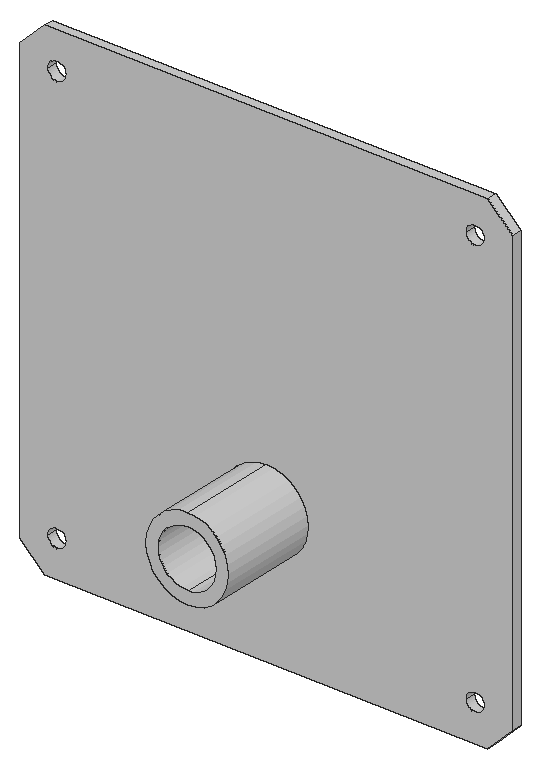
Revit family "OmegaFlex-TracPipe-Stub_Out-Appliance", category Pipe Accessories, Revit 2026
Family settings
  Round Connector Dimension = Use Radius
  Part Type = Breaks Into
  Classification Number = 23.60.30.11.17
  Work Plane-Based = No
  Always vertical = Yes
  Cut with Voids When Loaded = No
  Shared = No
Parameters (values of type "1/2"")
  URL = "https://www.omegaflex.com/"
  TracPipe Inner Diameter [instance] = TracPipe Diameter - 0' 0 1/4"  # 0' - 0 151/256"
  TracPipe Diameter [instance] = 215/256"  # constant formula
  Part Number [instance] = "FGP-ASP-500"  # constant formula
  Part Description [instance] = "Appliance Stub-Out"  # constant formula
  Nominal Radius 1 [instance] = 1/4"  # constant formula
  Nominal Diameter 1 [instance] = Nominal Radius 1 * 2  # 1/2"
  Model = "TracPipe CounterStrike"  # constant formula
  Manufacturer = "OmegaFlex"
  Description = "See Part Description"
  Default Elevation = 0' - 0"
Reference planes (in)
  plane 1 "Center (Front/Back)": y = 0
  plane 2: z = 0
  plane 3 "Center (Left/Right)": x = 0
  plane 4: z = 3.625
  plane 5: x = -2.5
  plane 6: x = 2.5
  plane 7: z = -1.375
  plane 8: z = 3.25
  plane 9: z = -1
  plane 10: x = -2.125
  plane 11: x = 2.125
  plane 12: y = -0.1
  plane 13: y = -1.1
  plane 14: y = 1.5
  plane 15: y = -0.35
  plane 16: y = 0.75
Forms (in)
  Extrusion 1, solid, material "Stainless Steel - OmegaFlex"
    sketch origin (0, 0, 0) x (1, 0, 0) y (0, 0, 1)
      loop
        line (-2.5, -1.125) -> (-2.25, -1.375) -> (2.25, -1.375) -> (2.5, -1.125) -> (2.5, 3.375) -> (2.25, 3.625) -> (-2.25, 3.625) -> (-2.5, 3.375) -> (-2.5, -1.125)
      loop
        circle (-2.125, -1) r 0.094
      loop
        circle (2.125, -1) r 0.094
      loop
        circle (-2.125, 3.25) r 0.094
      loop
        circle (2.125, 3.25) r 0.094
      loop
        circle (0, 0) r 0.41992
    from 0 to 0.1
  Extrusion 2, solid, material "Stainless Steel - OmegaFlex"
    sketch origin (0, 1.5, 6.48928) x (0, 0, 1) y (-1, 0, 0)
      loop
        circle (-6.48928, 0) r 0.29492
      loop
        circle (-6.48928, 0) r 0.41992
    from 0 to 2.6
Dimensions and locks (in)
  equal spacing: plane 5, plane 3 "Center (Left/Right)", plane 6
  locked: plane 5 to plane 6 at 5
  locked: plane 4 to plane 8 at 0.375
  locked: plane 9 to plane 7 at 0.375
  locked: plane 5 to plane 10 at 0.375
  locked: plane 11 to plane 6 at 0.375
  locked: plane 15 to plane 12 at 0.25
  locked: plane 16 to plane 14 at 0.75
  plane 13 to plane 15 to plane 1 "Center (Front/Back)" to plane 16 = 0' - 0 3/4" locked, 0' - 0.35" locked, 0' - 0 3/4" locked
  locked: plane 7 to plane 2 at 1.375
  locked: plane 7 to plane 4 at 5
  "TracPipe Diameter": diameter of Extrusion 1 sketch curve
  "TracPipe Inner Diameter": diameter of Extrusion 2 sketch curve
  "TracPipe Diameter": diameter of Extrusion 2 sketch curve
  aligned and locked: plane 2 to level
  aligned and locked: Extrusion 1 sketch curve to plane 5
  aligned and locked: Extrusion 1 sketch curve to plane 4
  aligned and locked: plane 7 to Extrusion 1 sketch curve
  aligned and locked: plane 6 to Extrusion 1 sketch curve
  aligned and locked: plane 8 to Extrusion 1 sketch curve  (x2)
  aligned and locked: plane 10 to Extrusion 1 sketch curve
  aligned and locked: plane 11 to Extrusion 1 sketch curve  (x2)
  aligned and locked: plane 9 to Extrusion 1 sketch curve  (x2)
  aligned and locked: plane 3 "Center (Left/Right)" to Extrusion 1 sketch curve
  aligned and locked: Extrusion 1 to plane 12
  aligned and locked: plane 3 "Center (Left/Right)" to Extrusion 2 sketch curve  (x2)
  aligned and locked: Extrusion 2 to plane 13
  aligned and locked: plane 2 to Extrusion 1 sketch curve
  aligned and locked: plane 2 to Extrusion 2 sketch curve  (x2)
Automatic sketch dimensions
  Extrusion 1 sketch curve to plane 10 = 0' - 0"
  Extrusion 1 sketch curve to plane 10 = 0' - 0 1/8"  (x2)
  plane 11 to Extrusion 1 sketch curve = 0' - 0 1/8"  (x2)
  Extrusion 1 sketch curve to plane 9 = 0' - 0 1/8"  (x2)
  plane 8 to Extrusion 1 sketch curve = 0' - 0 1/8"  (x2)
  radius of Extrusion 1 sketch curve = 0' - 0.094"  (x4)
Connectors (in)
  piping at (0, -1.1, 0), diameter 0.5, driven by "Nominal Radius 1"
    settings: on Extrusion 2, index 1, connector inside diameter 24", connector length 0' - 0", flow factor 0, pipe flow 0 GPM, pressure drop 0.00 psi, fitting loss kfactor 0, connector angle 0.00°, fixture units 0, engagement length 0' - 0", angle of deflection 0.00°, flow configuration 0, flow direction 0, fitting loss method 0, system type 28, joint type 0, gender type 0, connector reference index 2, connector utility 0, adjustable connector no, is connector primary yes, connector description ""
  piping at (0, 1.5, 0), diameter 0.5, driven by "Nominal Radius 1"
    settings: on Extrusion 2, index 2, connector inside diameter 24", connector length 0' - 0", flow factor 0, pipe flow 0 GPM, pressure drop 0.00 psi, fitting loss kfactor 0, connector angle 0.00°, fixture units 0, engagement length 0' - 0", angle of deflection 0.00°, flow configuration 0, flow direction 0, fitting loss method 0, system type 28, joint type 0, gender type 0, connector reference index 1, connector utility 0, adjustable connector no, is connector primary no, connector description ""
